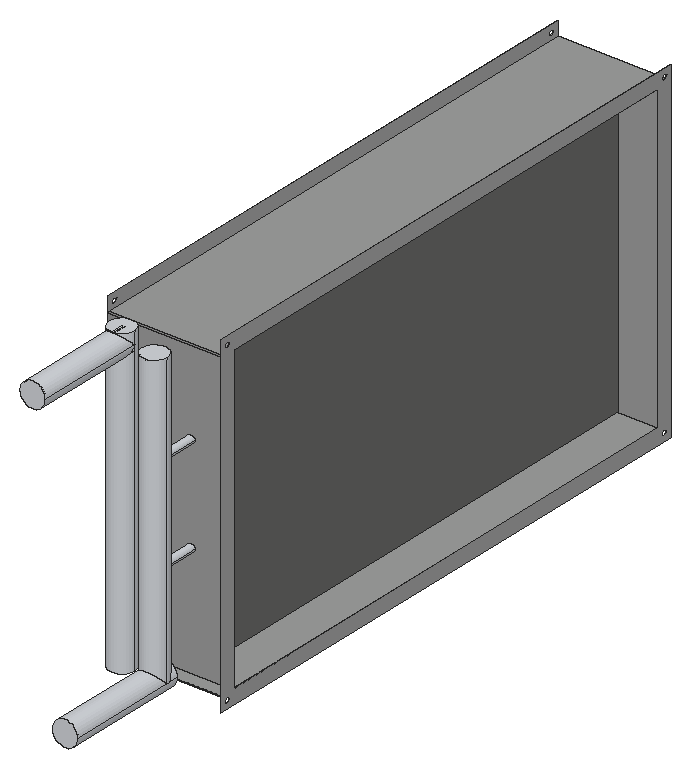
Revit family "Воздухонагреватель водяной для прямоугольных каналов W", category Оборудование, Revit 2019
Family settings
  Размер круглого соединителя = Использовать диаметр
  Тип детали = Нормальный
  Номер OmniClass = 23.75.00.00
  Заголовок OmniClass = Climate Control (HVAC)
  На основе рабочей плоскости = Нет
  Всегда вертикально = Да
  При загрузке вырезать с полостями = Нет
  Общий = Нет
  Точка расчета площади = Нет
Parameters (values of type "W2-7040")
  Материал 2 = Материал 2
  Материал = RAL 0000 Серый металл
  w = 43 mm
  h = 385 mm
  L = 150 mm
  H = 400 mm
  B1 = 794 mm
  B = 700 mm
  ADSK_Примечание = ""
  ADSK_Позиция = ""
  ADSK_Наименование = "Воздухонагреватель водяной для прямоугольного канала"  # constant formula
  ADSK_Масса_Текст = "10.3 кг"
  ADSK_Марка = "W2-7040"
  ADSK_Код изделия = ""
  ADSK_Завод-изготовитель = "Naveka"  # constant formula
  ADSK_Единица измерения = "шт."  # constant formula
Types (17, lengths in mm): name | h | H | B1 | B | ADSK_Масса_Текст | ADSK_Марка
  (no name) | 385 | 400 | 794 | 700 | "10.3 кг" | "W2-7040"
  W2-4020 | 185 | 200 | 494 | 400 | "4.8 кг" | "W2-4020"
  W2-10050 | 485 | 500 | 1114 | 1000 | "4.8 кг" | "W2-10050"
  W2-5025 | 235 | 250 | 594 | 500 | "6.2 кг" | "W2-5025"
  W2-5030 | 285 | 300 | 594 | 500 | "6.9 кг" | "W2-5030"
  W2-6030 | 285 | 300 | 694 | 600 | "7.6 кг" | "W2-6030"
  W2-6035 | 335 | 350 | 694 | 600 | "8.6 кг" | "W2-6035"
  W2-7040 | 385 | 400 | 794 | 700 | "10.3 кг" | "W2-7040"
  W2-8050 | 485 | 500 | 894 | 800 | "13.0 кг" | "W2-8050"
  W3-8050 | 485 | 500 | 894 | 800 | "16.4 кг" | "W3-8050"
  W3-7040 | 385 | 400 | 794 | 700 | "12.7 кг" | "W3-7040"
  W3-10050 | 485 | 500 | 1114 | 1000 | "19.81 кг" | "W3-10050"
  W3-4020 | 185 | 200 | 494 | 400 | "5.54 кг" | "W3-4020"
  W3-5025 | 235 | 250 | 594 | 500 | "7.5 кг" | "W3-5025"
  W3-5030 | 285 | 300 | 594 | 500 | "8.42 кг" | "W3-5030"
  W3-6030 | 285 | 300 | 694 | 600 | "9.42 кг" | "W3-6030"
  W3-6035 | 335 | 350 | 694 | 600 | "10.5 кг" | "W3-6035"
Reference planes
  plane 1 "По центру (Вперед/Назад)": y = 0
  plane 2: z = 0
  plane 3 "По центру (Влево/Вправо)": x = 0
  plane 4: y = 370
  plane 5: y = -370
  plane 6: x = 75
  plane 7: z = 200
  plane 8: z = -200
  plane 9: x = -75
  plane 10: x = -74
  plane 11: x = 74
  plane 12: z = 199
  plane 13: z = -199
  plane 14: y = -350
  plane 15: y = 350
  plane 16: z = 205
  plane 17: z = -180
  plane 18: y = -424
  plane 19: x = 21.5
  plane 20: x = -21.5
  plane 21: y = -560
  plane 22: y = -413
  plane 23: z = 76.667
  plane 24: z = -51.667
  plane 25: z = 221.5
  plane 26: y = -396.5
  plane 27: y = 353
  plane 28: y = -353
  plane 29: z = -177
  plane 30: z = 220
  plane 31: z = -220
  plane 32: z = 202
  plane 33: z = -202
  plane 34: y = -360
  plane 35: y = 360
  plane 36: z = 210
  plane 37: z = -210
Forms (mm)
  Extrusion 1, solid, material "Материал 2" <- "Материал 2", detail levels fine
    sketch origin (0, 0, 0) x (0, 1, 0) y (0, 0, 1)
      loop
        line (350, 200) -> (-350, 200) -> (-350, -200) -> (350, -200) -> (350, 200)
    from -21.5 to 21.5
  Extrusion 2, solid, detail levels fine
    sketch origin (0, 0, 0) x (1, 0, 0) y (0, 0, 1)
      loop
        circle (-21.5, 205) r 16.536
    from 413 to 560
  Extrusion 3, solid, detail levels fine
    sketch origin (44.102, 0, -153.802) x (1, 0, 0) y (0, 0, 1)
      loop
        circle (-22.602, -26.198) r 16.455
    from 396.5 to 560
  Extrusion 4, solid, detail levels fine
    sketch origin (0, 0, 0) x (1, 0, 0) y (0, 1, 0)
      loop
        circle (-21.5, -413) r 16.536
    from -180 to 221.5
  Extrusion 5, solid, detail levels fine
    sketch origin (35, 0, 0) x (1, 0, 0) y (0, 1, 0)
      loop
        circle (-13.5, -413) r 16.455
    from -180 to 205
  Extrusion 6, solid, detail levels fine
    sketch origin (1.529, 0, -59.576) x (1, 0, 0) y (0, 0, 1)
      loop
        circle (-23.029, 7.91) r 5
    from 353 to 413
  Extrusion 7, solid, detail levels fine
    sketch origin (1.529, 0, -3.576) x (1, 0, 0) y (0, 0, 1)
      loop
        circle (19.971, 80.243) r 5
    from 353 to 413
  Extrusion 8, solid, detail levels fine
    sketch origin (1.529, 0, -3.576) x (1, 0, 0) y (0, 0, 1)
      loop
        circle (-23.029, 80.243) r 5
    from 353 to 413
  Extrusion 9, solid, detail levels fine
    sketch origin (1.529, 0, -54.908) x (1, 0, 0) y (0, 0, 1)
      loop
        circle (19.971, 3.242) r 5
    from 353 to 413
  Extrusion 10, solid, material "RAL 0000 Серый металл" <- "Материал", detail levels fine
    sketch origin (0, -40, 0) x (0, 1, 0) y (0, 0, 1)
      loop
        line (410, 220) -> (-330, 220) -> (-330, -220) -> (410, -220) -> (410, 220)
      loop
        line (390, 200) -> (-310, 200) -> (-310, -200) -> (390, -200) -> (390, 200)
    from -75 to -74
  Extrusion 11, solid, material "RAL 0000 Серый металл" <- "Материал", detail levels fine
    sketch origin (0, 0, 0) x (1, 0, 0) y (0, 1, 0)
      loop
        line (-74, 353) -> (-74, 350) -> (74, 350) -> (74, 353) -> (-74, 353)
    from -200 to 200
  Extrusion 12, solid, material "RAL 0000 Серый металл" <- "Материал", detail levels fine
    sketch origin (0, -80, 0) x (1, 0, 0) y (0, 1, 0)
      loop
        line (-74, -270) -> (-74, -273) -> (74, -273) -> (74, -270) -> (-74, -270)
    from -200 to 200
  Extrusion 13, solid, material "RAL 0000 Серый металл" <- "Материал", detail levels fine
    sketch origin (0, 0, 0) x (1, 0, 0) y (0, 1, 0)
      loop
        line (-74, -370) -> (74, -370) -> (74, 370) -> (-74, 370) -> (-74, -370)
    from 200 to 202
  Extrusion 14, solid, material "RAL 0000 Серый металл" <- "Материал", detail levels fine
    sketch origin (0, 190, 0) x (1, 0, 0) y (0, 1, 0)
      loop
        line (-74, -560) -> (74, -560) -> (74, 180) -> (-74, 180) -> (-74, -560)
    from -202 to -200
  Extrusion 15, solid, material "RAL 0000 Серый металл" <- "Материал"
    sketch origin (0, 0, 0) x (0, 1, 0) y (0, 0, 1)
      loop
        line (-370, 220) -> (-370, -220) -> (370, -220) -> (370, 220) -> (-370, 220)
      loop
        line (350, -200) -> (350, 200) -> (-350, 200) -> (-350, -200) -> (350, -200)
    from 74 to 75
  Extrusion 16, void
    sketch origin (0, 0, 0) x (0, 1, 0) y (0, 0, 1)
      loop
        circle (360, -210) r 3.701
      loop
        circle (-360, -210) r 3.701
      loop
        circle (-360, 210) r 3.701
      loop
        circle (360, 210) r 3.701
    from 74 to 75
  Extrusion 17, void
    sketch origin (0, 0, 0) x (0, 1, 0) y (0, 0, 1)
      loop
        circle (-360, 210) r 3.701
      loop
        circle (360, 210) r 3.701
      loop
        circle (360, -210) r 3.701
      loop
        circle (-360, -210) r 3.701
    from -74 to -75
Cuts and joins
  Extrusion 16 cuts Extrusion 15
  Extrusion 17 cuts Extrusion 10
Lines and regions (mm)
  model lines, not visible, detail levels medium
    curve 1: circle (0, 0, 0) r 75 normal (0, -1, 0)
    curve 2: line (75, 0, 0) -> (-46.678, 0, 58.704)
    curve 3: line (-47.5, 0, 58.041) -> (-47.5, 0, -58.041)
    curve 4: line (-46.678, 0, -58.704) -> (75, 0, 0)
    curve 14: circle (0, 0, 0) r 45 normal (0, -1, 0)
    curve 15: line (0, 0, 45) -> (0, 0, -45)
    curve 16: line (-45, 0, 0) -> (45, 0, 0)
  model lines, not visible, detail levels coarse
    curve 5: circle (0, 0, 0) r 95 normal (0, 0, 1)
    curve 6: line (95, 0, 0) -> (-55.84, 76.857, 0)
    curve 7: line (-55.84, 76.857, 0) -> (-55.84, -76.857, 0)
    curve 8: line (-55.84, -76.857, 0) -> (95, 0, 0)
    curve 13: line (0, 55, 0) -> (0, -55, 0)
  model lines, detail levels coarse
    curve 9: line (0, 55, 0) -> (0, -55, 0)
    curve 17: circle (0, 0, 0) r 66 normal (0, 0, 1)
    curve 18: line (-66, 0, 0) -> (66, 0, 0)
  model lines, detail levels medium
    curve 10: circle (0, 0, 0) r 45 normal (0, -1, 0)
    curve 11: line (0, 0, 45) -> (0, 0, -45)
    curve 12: line (-45, 0, 0) -> (45, 0, 0)
Dimensions and locks
  "B": plane 14 to plane 15
  "L": plane 9 to plane 6
  equal spacing: plane 9, plane 3 "По центру (Влево/Вправо)", plane 6
  equal spacing: plane 5, plane 1 "По центру (Вперед/Назад)", plane 4
  equal spacing: plane 7, level, plane 8
  "H": plane 7 to plane 8
  locked: plane 9 to plane 10 at 1
  locked: plane 11 to plane 6 at 1
  locked: plane 7 to plane 12 at 1
  locked: plane 13 to plane 8 at 1
  locked: plane 5 to plane 14 at 20
  locked: plane 4 to plane 15 at 20
  locked: plane 17 to plane 8 at 20
  "h": plane 16 to plane 17
  "B1": plane 4 to plane 18
  locked: plane 18 to plane 22 at 11
  equal spacing: plane 16, plane 23, plane 24, plane 17
  equal spacing: plane 19, plane 3 "По центру (Влево/Вправо)", plane 20
  "w": plane 19 to plane 20
  plane 21 to plane 14 = 210 mm
  locked: plane 25 to plane 16 at 16.5
  locked: plane 26 to plane 22 at 16.5
  locked: plane 27 to plane 15 at 3
  locked: plane 28 to plane 14 at 3
  locked: plane 17 to plane 29 at 3
  locked: plane 30 to plane 7 at 20
  locked: plane 31 to plane 8 at 20
  locked: plane 32 to plane 7 at 2
  locked: plane 33 to plane 8 at 2
  equal spacing: plane 5, plane 34, plane 14
  equal spacing: plane 4, plane 35, plane 15
  equal spacing: plane 30, plane 36, plane 7
  equal spacing: plane 31, plane 37, plane 8
  aligned and locked: level to plane 2
  aligned and locked: plane 20 to Extrusion 2 sketch curve
  aligned and locked: plane 16 to Extrusion 2 sketch curve
  aligned and locked: plane 19 to Extrusion 3 sketch curve
  aligned and locked: plane 17 to Extrusion 3 sketch curve
  aligned and locked: plane 21 to Extrusion 3
  aligned and locked: plane 21 to Extrusion 2
  aligned and locked: plane 20 to Extrusion 4 sketch curve
  aligned and locked: plane 22 to Extrusion 4 sketch curve
  aligned and locked: plane 17 to Extrusion 4
  aligned and locked: plane 19 to Extrusion 5 sketch curve
  aligned and locked: plane 22 to Extrusion 5 sketch curve
  aligned and locked: plane 17 to Extrusion 5
  aligned and locked: plane 16 to Extrusion 5
  aligned and locked: plane 20 to Extrusion 6 sketch curve
  aligned and locked: plane 22 to Extrusion 6  (x2)
  aligned and locked: plane 24 to Extrusion 6 sketch curve
  aligned and locked: plane 19 to Extrusion 7 sketch curve
  aligned and locked: plane 23 to Extrusion 7 sketch curve
  aligned and locked: plane 22 to Extrusion 7
  aligned and locked: plane 20 to Extrusion 8 sketch curve
  aligned and locked: plane 23 to Extrusion 8 sketch curve
  aligned and locked: plane 19 to Extrusion 9 sketch curve
  aligned and locked: plane 24 to Extrusion 9 sketch curve
  aligned and locked: plane 22 to Extrusion 8
  aligned and locked: plane 22 to Extrusion 9
  aligned and locked: plane 25 to Extrusion 4
  aligned and locked: Extrusion 3 to plane 26
  aligned and locked: Extrusion 2 to plane 22
  aligned and locked: plane 15 to Extrusion 1
  aligned and locked: plane 19 to Extrusion 1
  aligned and locked: Extrusion 10 to plane 9
  aligned and locked: plane 10 to Extrusion 10
  aligned and locked: Extrusion 10 to plane 14
  aligned and locked: plane 5 to Extrusion 10
  aligned and locked: plane 4 to Extrusion 10
  aligned and locked: Extrusion 10 to plane 15
  aligned and locked: Extrusion 1 to plane 20
  aligned and locked: Extrusion 11 sketch curve to plane 27
  aligned and locked: plane 10 to Extrusion 11 sketch curve
  aligned and locked: Extrusion 12 to plane 14
  aligned and locked: plane 28 to Extrusion 12
  aligned and locked: plane 14 to Extrusion 1
  aligned and locked: plane 4 to Extrusion 13
  aligned and locked: plane 5 to Extrusion 14
  aligned and locked: plane 4 to Extrusion 14
  aligned and locked: Extrusion 7 to plane 28
  aligned and locked: Extrusion 6 to plane 28
  aligned and locked: Extrusion 9 to plane 28
  aligned and locked: Extrusion 8 to plane 28
  aligned and locked: Extrusion 10 sketch curve to plane 30
  aligned and locked: Extrusion 10 sketch curve to plane 7
  aligned and locked: Extrusion 10 sketch curve to plane 31
  aligned and locked: Extrusion 10 sketch curve to plane 8
  aligned and locked: plane 11 to Extrusion 15
  aligned and locked: Extrusion 15 to plane 6
  aligned and locked: Extrusion 15 sketch curve to plane 5
  aligned and locked: Extrusion 15 sketch curve to plane 30
  aligned and locked: Extrusion 15 sketch curve to plane 7
  aligned and locked: Extrusion 15 sketch curve to plane 14
  aligned and locked: Extrusion 15 sketch curve to plane 4
  aligned and locked: Extrusion 15 sketch curve to plane 15
  aligned and locked: Extrusion 15 sketch curve to plane 8
  aligned and locked: Extrusion 15 sketch curve to plane 31
  aligned and locked: plane 32 to Extrusion 13
  aligned and locked: Extrusion 13 to plane 7
  aligned and locked: plane 7 to Extrusion 1
  aligned and locked: plane 7 to Extrusion 11
  aligned and locked: plane 7 to Extrusion 12
  aligned and locked: plane 33 to Extrusion 14
  aligned and locked: Extrusion 14 to plane 8
  aligned and locked: plane 8 to Extrusion 11
  aligned and locked: plane 8 to Extrusion 1
  aligned and locked: plane 8 to Extrusion 12
  aligned and locked: plane 37 to Extrusion 16 sketch curve  (x2)
  aligned and locked: plane 35 to Extrusion 16 sketch curve  (x2)
  aligned and locked: plane 36 to Extrusion 16 sketch curve  (x2)
  aligned and locked: plane 34 to Extrusion 16 sketch curve  (x2)
  aligned and locked: Extrusion 16 to plane 6
  aligned and locked: plane 11 to Extrusion 16
  aligned and locked: plane 34 to Extrusion 17 sketch curve  (x2)
  aligned and locked: plane 37 to Extrusion 17 sketch curve  (x2)
  aligned and locked: plane 35 to Extrusion 17 sketch curve  (x2)
  aligned and locked: plane 36 to Extrusion 17 sketch curve  (x2)
  aligned and locked: Extrusion 17 to plane 9
  aligned and locked: plane 10 to Extrusion 17
Automatic sketch dimensions
  curve 1 to curve 4 = 75 mm
  curve 1 to curve 2 = 0 mm
  curve 4 to curve 1 = 46.678 mm
  curve 2 to curve 1 = 46.678 mm
  curve 3 to curve 4 = 0.822 mm
  plane 1 "По центру (Вперед/Назад)" to curve 18 = 0 mm
  plane 1 "По центру (Вперед/Назад)" to curve 17 = 0 mm
  curve 17 to plane 3 "По центру (Влево/Вправо)" = 0 mm
  plane 10 to curve 18 = 8 mm
  Extrusion 1 sketch curve to plane 14 = 0 mm
  Extrusion 1 sketch curve to plane 8 = 0 mm
  Extrusion 1 sketch curve to plane 15 = 0 mm
  Extrusion 10 sketch curve to plane 5 = 0 mm
  Extrusion 10 sketch curve to plane 14 = 0 mm
  Extrusion 10 sketch curve to plane 15 = 0 mm
  Extrusion 10 sketch curve to plane 4 = 0 mm
  Extrusion 11 sketch curve to plane 11 = 0 mm
  Extrusion 11 sketch curve to plane 15 = 0 mm
  Extrusion 12 sketch curve to plane 10 = 0 mm
  Extrusion 12 sketch curve to plane 11 = 0 mm
  plane 28 to Extrusion 12 sketch curve = 0 mm
  plane 14 to Extrusion 12 sketch curve = 0 mm
  Extrusion 14 sketch curve to plane 10 = 0 mm
  Extrusion 14 sketch curve to plane 11 = 0 mm
  plane 14 to Extrusion 14 sketch curve = 20 mm
  Extrusion 14 sketch curve to plane 4 = 0 mm
  Extrusion 13 sketch curve to plane 11 = 0 mm
  plane 5 to Extrusion 13 sketch curve = 0 mm
  plane 15 to Extrusion 13 sketch curve = 20 mm
  Extrusion 13 sketch curve to plane 10 = 0 mm
  plane 12 to Extrusion 1 sketch curve = 1 mm
  radius of Extrusion 2 sketch curve = 16.536 mm
  radius of Extrusion 3 sketch curve = 16.455 mm
  radius of Extrusion 4 sketch curve = 16.536 mm
  radius of Extrusion 5 sketch curve = 16.455 mm
  radius of Extrusion 6 sketch curve = 5 mm
  radius of Extrusion 7 sketch curve = 5 mm
  radius of Extrusion 8 sketch curve = 5 mm
  radius of Extrusion 9 sketch curve = 5 mm
  radius of Extrusion 16 sketch curve = 3.701 mm  (x4)
  radius of Extrusion 17 sketch curve = 3.701 mm  (x4)
Connectors
  piping at (-21.5, -560, 205), diameter 25
    settings: on Extrusion 2, index 5, connector inside diameter 609.6 mm, connector length 0 mm, flow factor 0, pipe flow 0.0 L/s, pressure drop 0.0 Pa, fitting loss kfactor 0, connector angle 0.00°, fixture units 0, engagement length 0 mm, angle of deflection 0.00°, flow configuration 0, flow direction 0, fitting loss method 0, system type 28, joint type 0, gender type 0, connector reference index 6, connector utility 0, adjustable connector no, is connector primary yes, connector description ""
  piping at (21.5, -560, -180), diameter 25
    settings: on Extrusion 3, index 6, connector inside diameter 609.6 mm, connector length 0 mm, flow factor 0, pipe flow 0.0 L/s, pressure drop 0.0 Pa, fitting loss kfactor 0, connector angle 0.00°, fixture units 0, engagement length 0 mm, angle of deflection 0.00°, flow configuration 0, flow direction 0, fitting loss method 0, system type 28, joint type 0, gender type 0, connector reference index 5, connector utility 0, adjustable connector no, is connector primary no, connector description ""
  hvac at (-74, 0, 0), driven by "H", driven by "B"
    settings: on Extrusion 10, index 7, duct flow 0.0 L/s, flow factor 0, pres drop 0.0 Pa, loss coef 0, conn angle 0.00°, conn width 700 mm, conn height 400 mm, conn diameter 609.6 mm, duct sys type 28, conn prof type 1, flow config 0, flow direction 0, loss method 0, conn ref index 8, conn util no, is conn primary yes, conn desc ""
  hvac at (75, 0, 0), driven by "H", driven by "B"
    settings: on Extrusion 15, index 8, duct flow 0.0 L/s, flow factor 0, pres drop 0.0 Pa, loss coef 0, conn angle 0.00°, conn width 700 mm, conn height 400 mm, conn diameter 609.6 mm, duct sys type 28, conn prof type 1, flow config 0, flow direction 0, loss method 0, conn ref index 7, conn util no, is conn primary no, conn desc ""
